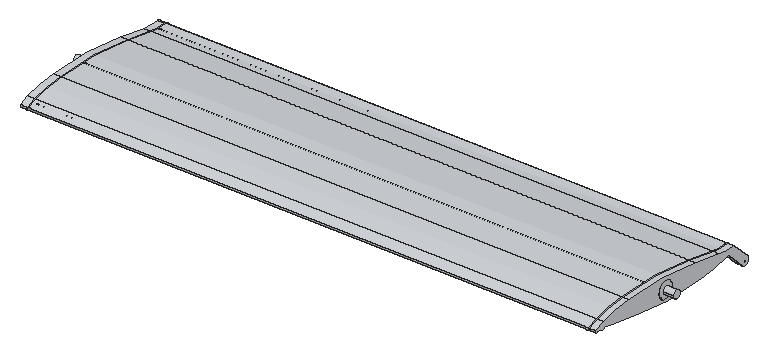
Revit family "150 MIDI LOUVRE BLADE-KISS PIVOT)", category Generic Models, Revit 2018
Family settings
  Can host rebar = No
  Round Connector Dimension = Use Diameter
  Part Type = Normal
  Work Plane-Based = No
  Always vertical = Yes
  Cut with Voids When Loaded = No
  Shared = No
  Room Calculation Point = No
Parameters
  PITCH [instance] = 0.00°
  M1 [instance] = LENGTH / 2 * cos(PITCH)  # 250 mm
  LOUVRE ANGLE [instance] = 0.00°
  LENGTH [instance] = 500 mm
  END CAP_KISS PIVOT [instance] = none
  90 MIDI LOUVRE BLADE [instance] = none
Reference planes
  plane 1 "Center (Front/Back)": y = 0
  plane 2: z = 0
  plane 3 "Center (Left/Right)": x = 0
  plane 4: x = 250
Lines and regions (mm)
  reference lines
    curve 1: line (0, 0, 0) -> (500, 0, 0)
    curve 2: line (500, 0, 26.476) -> (500, 0, -13.524)
    curve 3: line (0, 0, -7.002) -> (0, 0, 6.998)
    curve 4: line (250, 0, 28.495) -> (250, 0, -31.505)
Dimensions and locks
  "LENGTH": curve 2 to curve 3
  "M1": plane 4 to plane 3 "Center (Left/Right)"
  "LENGTH": curve 1 to curve 1
  equal spacing: curve 2, curve 4, curve 3
  "PITCH": angle level to curve 1
  aligned and locked: level to plane 2
  aligned and locked: plane 3 "Center (Left/Right)" to curve 1
  aligned and locked: plane 2 to curve 1
Automatic sketch dimensions
  curve 1 to curve 3 = 0 mm
  curve 2 to curve 1 = 13.524 mm
  curve 3 to curve 1 = 7.002 mm
  curve 1 to curve 3 = 6.998 mm
  curve 1 to curve 2 = 26.476 mm
  curve 1 to curve 4 = 31.505 mm
  curve 4 to curve 1 = 28.495 mm
Nested families
  nested 1: "150 MIDI LOUVRE BLADE END CAP" at (292.5, 0, 0), type "150 MIDI LOUVRE BLADE END CAP"
Definition of nested family "150 MIDI LOUVRE BLADE END CAP"
  Parameters (values of type "150 MIDI LOUVRE BLADE END CAP")
    LENGTH = 500 mm
    END CAP = none
    Default Elevation = 1219.2 mm
    BLADE = none
    ANGLE = 0.00°
  Reference planes
    plane 1 "Center (Front/Back)": y = 0
    plane 2: z = 0
    plane 3 "Center (Left/Right)": x = -42.5
    plane 4: x = -285.5
    plane 5: x = -292.5
    plane 6: x = 200.5
    plane 7: x = 207.5
  Forms (mm)
    Extrusion 1, solid, material <- "BLADE"
      sketch origin (-42.5, 0, 0) x (0, 1, 0) y (0, 0, 1)
        loop
          line (-62.393, 3.313) -> (-62.469, 0.666)
          arc (-62.469, 0.666) -> (-48.331, -1.728) -> (-34.217, -4.257) r 1499.897
          arc (-34.217, -4.257) -> (-24.059, -5.954) -> (-13.841, -7.242) r 255.457
          arc (-13.841, -7.242) -> (-13.459, -7.121) -> (-13.288, -6.759) r 0.5
          line (-13.288, -6.759) -> (-13.196, -3.532)
          arc (-13.196, -3.532) -> (-13.405, -3.112) -> (-13.871, -3.05) r 0.5
          arc (-13.871, -3.05) -> (-15.762, -3.165) -> (-17.397, -2.206) r 3.249
          arc (-17.397, -2.206) -> (-17.362, -1.358) -> (-16.514, -1.393) r 0.6
          arc (-16.514, -1.393) -> (-13.892, -1.726) -> (-13.121, 0.802) r 2.05
          arc (-13.121, 0.802) -> (-14.602, 2.005) -> (-16.432, 1.468) r 2.05
          arc (-16.432, 1.468) -> (-17.28, 1.482) -> (-17.267, 2.33) r 0.6
          arc (-17.267, 2.33) -> (-15.58, 3.194) -> (-13.698, 2.971) r 3.25
          arc (-13.698, 2.971) -> (-13.23, 3.006) -> (-12.997, 3.414) r 0.5
          line (-12.997, 3.414) -> (-12.867, 7.962)
          arc (-12.867, 7.962) -> (-13.009, 8.326) -> (-13.37, 8.477) r 0.5
          arc (-13.37, 8.477) -> (-23.289, 8.222) -> (-33.191, 7.583) r 255.457
          line (-33.191, 7.583) -> (-41.62, 6.874)
          arc (-41.62, 6.874) -> (-52.083, 5.54) -> (-62.393, 3.313) r 122.872
        loop
          arc (-12.007, -7.428) -> (-0.244, -8.31) -> (11.547, -8.648) r 255.457
          line (11.547, -8.648) -> (12.006, 7.372)
          arc (12.006, 7.372) -> (0.24, 8.199) -> (-11.551, 8.482) r 255.457
          line (-11.551, 8.482) -> (-12.007, -7.428)
        loop
          arc (13.362, -8.652) -> (23.878, -8.419) -> (34.376, -7.754) r 255.457
          line (34.376, -7.754) -> (42.805, -7.045)
          arc (42.805, -7.045) -> (55.549, -5.297) -> (68.041, -2.227) r 122.872
          arc (68.041, -2.227) -> (68.516, -1.488) -> (67.862, -0.901) r 0.678
          arc (67.862, -0.901) -> (63.33, -0.628) -> (58.828, -0.035) r 64.26
          arc (58.828, -0.035) -> (46.311, 2.119) -> (33.812, 4.38) r 1499.897
          arc (33.812, 4.38) -> (23.852, 5.984) -> (13.837, 7.194) r 255.457
          arc (13.837, 7.194) -> (13.457, 7.072) -> (13.287, 6.71) r 0.5
          line (13.287, 6.71) -> (13.196, 3.532)
          arc (13.196, 3.532) -> (13.405, 3.111) -> (13.871, 3.049) r 0.5
          arc (13.871, 3.049) -> (15.762, 3.165) -> (17.397, 2.206) r 3.248
          arc (17.397, 2.206) -> (17.362, 1.358) -> (16.514, 1.393) r 0.6
          arc (16.514, 1.393) -> (14.284, 1.923) -> (12.957, 0.055) r 2.05
          arc (12.957, 0.055) -> (14.183, -1.873) -> (16.432, -1.468) r 2.05
          arc (16.432, -1.468) -> (17.28, -1.481) -> (17.267, -2.33) r 0.6
          arc (17.267, -2.33) -> (15.58, -3.194) -> (13.698, -2.97) r 3.248
          arc (13.698, -2.97) -> (13.23, -3.005) -> (12.997, -3.413) r 0.5
          line (12.997, -3.413) -> (12.862, -8.138)
          arc (12.862, -8.138) -> (13.003, -8.501) -> (13.362, -8.652) r 0.5
        loop
          arc (-64.532, -0.905) -> (-61.499, -1.187) -> (-58.483, -1.617) r 62.661
          arc (-58.483, -1.617) -> (-45.689, -3.815) -> (-32.915, -6.124) r 1498.297
          arc (-32.915, -6.124) -> (3.183, -10.066) -> (39.476, -8.882) r 257.057
          arc (39.476, -8.882) -> (53.598, -7.277) -> (67.444, -4.074) r 124.472
          arc (67.444, -4.074) -> (71.311, -2.576) -> (75.071, -0.829) r 63.273
          arc (75.071, -0.829) -> (75.536, 0.23) -> (74.586, 0.889) r 0.909
          arc (74.586, 0.889) -> (66.819, 0.735) -> (59.093, 1.543) r 62.66
          arc (59.093, 1.543) -> (46.587, 3.695) -> (34.1, 5.953) r 1498.297
          arc (34.1, 5.953) -> (-1.998, 9.895) -> (-38.291, 8.711) r 257.057
          arc (-38.291, 8.711) -> (-52.413, 7.107) -> (-66.259, 3.903) r 124.472
          arc (-66.259, 3.903) -> (-70.209, 2.496) -> (-74.033, 0.778) r 52.452
          arc (-74.033, 0.778) -> (-74.453, -0.287) -> (-73.507, -0.932) r 0.918
          arc (-73.507, -0.932) -> (-71.26, -0.805) -> (-69.01, -0.758) r 62.661
          arc (-69.01, -0.758) -> (-68.51, -0.193) -> (-69.128, 0.239) r 0.505
          line (-69.128, 0.239) -> (-69.907, 0.054) -> (-70.207, 1.319) -> (-64.754, 2.614) -> (-64.453, 1.349) -> (-65.232, 1.164)
          arc (-65.232, 1.164) -> (-65.542, 0.94) -> (-65.603, 0.562) r 0.5
          line (-65.603, 0.562) -> (-65.389, -0.285)
          arc (-65.389, -0.285) -> (-65.049, -0.717) -> (-64.532, -0.905) r 1
      from 243 to -243
  Lines and regions (mm)
    reference lines
      curve 1: line (-42.5, 0, 0) -> (-42.5, 90, 0)
  Dimensions and locks
    locked: plane 5 to plane 4 at 7
    locked: plane 7 to plane 6 at 7
    equal spacing: plane 4, plane 3 "Center (Left/Right)", plane 6
    "LENGTH": plane 5 to plane 7
    "ANGLE": angle plane 2 to curve 1
    aligned and locked: level to plane 2
    aligned and locked: plane 1 "Center (Front/Back)" to curve 1
    aligned and locked: plane 2 to curve 1
    aligned and locked: Extrusion 1 to plane 6
    aligned and locked: Extrusion 1 to plane 4
  Automatic sketch dimensions
    Extrusion 1 sketch curve to Extrusion 1 sketch curve = 0 mm  (x58)
    Extrusion 1 sketch curve to curve 1 = 305.803 mm
    curve 1 to Extrusion 1 sketch curve = 0.017 mm  (x2)
    Extrusion 1 sketch curve to curve 1 = 73.576 mm
    Extrusion 1 sketch curve to curve 1 = 1.319 mm
    Extrusion 1 sketch curve to Extrusion 1 sketch curve = 3.369 mm
    Extrusion 1 sketch curve to curve 1 = 0.054 mm
    Extrusion 1 sketch curve to Extrusion 1 sketch curve = 0.3 mm
    Extrusion 1 sketch curve to curve 1 = 0.239 mm
    Extrusion 1 sketch curve to Extrusion 1 sketch curve = 0.117 mm
    Extrusion 1 sketch curve to Extrusion 1 sketch curve = 0.185 mm
    Extrusion 1 sketch curve to curve 1 = 0.562 mm
    Extrusion 1 sketch curve to Extrusion 1 sketch curve = 3.409 mm
    curve 1 to Extrusion 1 sketch curve = 0.285 mm
    Extrusion 1 sketch curve to Extrusion 1 sketch curve = 0.213 mm
    Extrusion 1 sketch curve to curve 1 = 1.164 mm
    Extrusion 1 sketch curve to Extrusion 1 sketch curve = 0.371 mm
    Extrusion 1 sketch curve to Extrusion 1 sketch curve = 0.116 mm
    Extrusion 1 sketch curve to curve 1 = 2.614 mm
    Extrusion 1 sketch curve to curve 1 = 0.093 mm
    Extrusion 1 sketch curve to Extrusion 1 sketch curve = 0.653 mm
    Extrusion 1 sketch curve to curve 1 = 0.666 mm
    Extrusion 1 sketch curve to Extrusion 1 sketch curve = 1.994 mm
    Extrusion 1 sketch curve to curve 1 = 3.313 mm
    Extrusion 1 sketch curve to Extrusion 1 sketch curve = 2.36 mm
    Extrusion 1 sketch curve to Extrusion 1 sketch curve = 18.18 mm
    Extrusion 1 sketch curve to curve 1 = 6.874 mm
    Extrusion 1 sketch curve to Extrusion 1 sketch curve = 20.774 mm
    Extrusion 1 sketch curve to curve 1 = 7.583 mm
    Extrusion 1 sketch curve to Extrusion 1 sketch curve = 8.429 mm  (x2)
    Extrusion 1 sketch curve to curve 1 = 31.323 mm
    curve 1 to Extrusion 1 sketch curve = 1.8 mm
    Extrusion 1 sketch curve to curve 1 = 16.955 mm
    Extrusion 1 sketch curve to Extrusion 1 sketch curve = 0.106 mm
    curve 1 to Extrusion 1 sketch curve = 0.005 mm
    Extrusion 1 sketch curve to Extrusion 1 sketch curve = 1.949 mm
    Extrusion 1 sketch curve to Extrusion 1 sketch curve = 3.167 mm
    Extrusion 1 sketch curve to Extrusion 1 sketch curve = 0.092 mm
    Extrusion 1 sketch curve to Extrusion 1 sketch curve = 3.353 mm
    Extrusion 1 sketch curve to Extrusion 1 sketch curve = 0.13 mm
    curve 1 to Extrusion 1 sketch curve = 6.759 mm
    Extrusion 1 sketch curve to Extrusion 1 sketch curve = 0.5 mm  (x9)
    curve 1 to Extrusion 1 sketch curve = 3.532 mm
    Extrusion 1 sketch curve to curve 1 = 3.414 mm
    Extrusion 1 sketch curve to Extrusion 1 sketch curve = 1.281 mm
    Extrusion 1 sketch curve to curve 1 = 11.784 mm
    Extrusion 1 sketch curve to Extrusion 1 sketch curve = 1.315 mm  (x2)
    curve 1 to Extrusion 1 sketch curve = 11.547 mm
    Extrusion 1 sketch curve to curve 1 = 7.372 mm
    curve 1 to Extrusion 1 sketch curve = 12.006 mm
    curve 1 to Extrusion 1 sketch curve = 12.969 mm
    curve 1 to Extrusion 1 sketch curve = 3.413 mm
    Extrusion 1 sketch curve to Extrusion 1 sketch curve = 0.135 mm
    Extrusion 1 sketch curve to curve 1 = 3.532 mm
    Extrusion 1 sketch curve to Extrusion 1 sketch curve = 1.191 mm
    Extrusion 1 sketch curve to Extrusion 1 sketch curve = 1.282 mm
    Extrusion 1 sketch curve to curve 1 = 0.005 mm
    Extrusion 1 sketch curve to Extrusion 1 sketch curve = 1.31 mm
    Extrusion 1 sketch curve to Extrusion 1 sketch curve = 0.001 mm  (x3)
    Extrusion 1 sketch curve to Extrusion 1 sketch curve = 1.843 mm
    Extrusion 1 sketch curve to Extrusion 1 sketch curve = 1.948 mm
    curve 1 to Extrusion 1 sketch curve = 32.508 mm
    curve 1 to Extrusion 1 sketch curve = 7.754 mm
    Extrusion 1 sketch curve to Extrusion 1 sketch curve = 17.526 mm
    curve 1 to Extrusion 1 sketch curve = 7.045 mm
    Extrusion 1 sketch curve to curve 1 = 43.462 mm
    curve 1 to Extrusion 1 sketch curve = 1.579 mm
    Extrusion 1 sketch curve to curve 1 = 22.155 mm
    Extrusion 1 sketch curve to curve 1 = 20.54 mm
    Extrusion 1 sketch curve to curve 1 = 15.339 mm
    curve 1 to Extrusion 1 sketch curve = 216.988 mm
    Extrusion 1 sketch curve to curve 1 = 246.975 mm
    Extrusion 1 sketch curve to curve 1 = 1479.36 mm
    Extrusion 1 sketch curve to Extrusion 1 sketch curve = 63.133 mm
    Extrusion 1 sketch curve to Extrusion 1 sketch curve = 17.247 mm
    Extrusion 1 sketch curve to Extrusion 1 sketch curve = 5.235 mm
    Extrusion 1 sketch curve to Extrusion 1 sketch curve = 0.496 mm
    Extrusion 1 sketch curve to Extrusion 1 sketch curve = 0.014 mm  (x7)
    Extrusion 1 sketch curve to Extrusion 1 sketch curve = 0.67 mm
    curve 1 to Extrusion 1 sketch curve = 1.899 mm
    curve 1 to Extrusion 1 sketch curve = 0.253 mm
    Extrusion 1 sketch curve to Extrusion 1 sketch curve = 0.002 mm  (x2)
    Extrusion 1 sketch curve to curve 1 = 1.8 mm
    Extrusion 1 sketch curve to curve 1 = 1.899 mm
    Extrusion 1 sketch curve to Extrusion 1 sketch curve = 0.675 mm
    Extrusion 1 sketch curve to Extrusion 1 sketch curve = 0.514 mm  (x2)
    curve 1 to Extrusion 1 sketch curve = 55.646 mm
    curve 1 to Extrusion 1 sketch curve = 63.339 mm
    curve 1 to Extrusion 1 sketch curve = 115.395 mm
    curve 1 to Extrusion 1 sketch curve = 1479.19 mm
    Extrusion 1 sketch curve to Extrusion 1 sketch curve = 0.457 mm
    Extrusion 1 sketch curve to Extrusion 1 sketch curve = 0.069 mm
    Extrusion 1 sketch curve to Extrusion 1 sketch curve = 1.506 mm
    Extrusion 1 sketch curve to Extrusion 1 sketch curve = 3.329 mm  (x2)
    curve 1 to Extrusion 1 sketch curve = 4.257 mm
    Extrusion 1 sketch curve to Extrusion 1 sketch curve = 1.301 mm
    Extrusion 1 sketch curve to Extrusion 1 sketch curve = 0.441 mm
    Extrusion 1 sketch curve to Extrusion 1 sketch curve = 0.417 mm
    Extrusion 1 sketch curve to curve 1 = 0.802 mm
    Extrusion 1 sketch curve to curve 1 = 0.055 mm
    Extrusion 1 sketch curve to Extrusion 1 sketch curve = 2.049 mm
    Extrusion 1 sketch curve to curve 1 = 4.38 mm
    Extrusion 1 sketch curve to Extrusion 1 sketch curve = 0.288 mm
    Extrusion 1 sketch curve to Extrusion 1 sketch curve = 0.597 mm
  Nested families
    nested 1: "150 MIDI-KISS END CAP" at (200.5, 0, 0) x (0, 1, 0) z (1, 0, 0), type "150 MIDI-KISS END CAP"
    nested 2: "150 MIDI-KISS END CAP" at (-285.5, 0, 0) x (0, 1, 0) z (-1, 0, 0), type "150 MIDI-KISS END CAP"
  Definition of nested family "150 MIDI-KISS END CAP"
    Parameters (values of type "150 MIDI-KISS END CAP")
      END CAP = none
      Default Elevation = 1219.2 mm
    Reference planes
      plane 1 "Center (Front/Back)": y = 0
      plane 2: z = 0
      plane 3 "Center (Left/Right)": x = 0
    Forms (mm)
      Extrusion 1, solid, material <- "END CAP"
        sketch origin (0, 0, 12) x (1, 0, 0) y (0, 1, 0)
          loop
            line (70.759, -4.71) -> (84.54, -18.461)
            arc (84.54, -18.461) -> (89.49, -18.461) -> (89.49, -13.512) r 3.5
            line (89.49, -13.512) -> (75.304, 0.626)
            arc (75.304, 0.626) -> (74.974, 0.836) -> (74.586, 0.889) r 0.909
            arc (74.586, 0.889) -> (66.819, 0.735) -> (59.093, 1.543) r 62.66
            arc (59.093, 1.543) -> (46.587, 3.695) -> (34.1, 5.953) r 1498.297
            arc (34.1, 5.953) -> (-1.998, 9.895) -> (-38.291, 8.711) r 257.057
            arc (-38.291, 8.711) -> (-52.413, 7.107) -> (-66.259, 3.903) r 124.472
            arc (-66.259, 3.903) -> (-70.209, 2.496) -> (-74.033, 0.778) r 52.452
            arc (-74.033, 0.778) -> (-74.453, -0.287) -> (-73.507, -0.932) r 0.918
            arc (-73.507, -0.932) -> (-71.26, -0.805) -> (-69.01, -0.758) r 62.661
            line (-69.01, -0.758) -> (-68.181, -0.785)
            arc (-68.181, -0.785) -> (-66.83, -1.745) -> (-65.419, -0.875) r 1.5
            line (-65.419, -0.875) -> (-64.532, -0.905)
            arc (-64.532, -0.905) -> (-61.499, -1.187) -> (-58.483, -1.617) r 62.661
            arc (-58.483, -1.617) -> (-45.689, -3.815) -> (-32.915, -6.124) r 1498.297
            arc (-32.915, -6.124) -> (3.183, -10.066) -> (39.476, -8.882) r 257.057
            arc (39.476, -8.882) -> (53.598, -7.277) -> (67.444, -4.074) r 124.472
            arc (67.444, -4.074) -> (69.199, -3.883) -> (70.759, -4.71) r 3.007
          loop
            circle (87.015, -15.987) r 1.325
        from -12 to -6
      Extrusion 2, solid, material <- "END CAP"
        sketch origin (0, 0, 6) x (1, 0, 0) y (0, 1, 0)
          loop
            circle (0, 0) r 6.9
        from 0 to 1
      Extrusion 3, solid, material <- "END CAP"
        sketch origin (0, 0, 7) x (1, 0, 0) y (0, 1, 0)
          loop
            circle (0, 0) r 3.2
        from 0 to 9.7
    Dimensions and locks
      aligned and locked: level to plane 2
